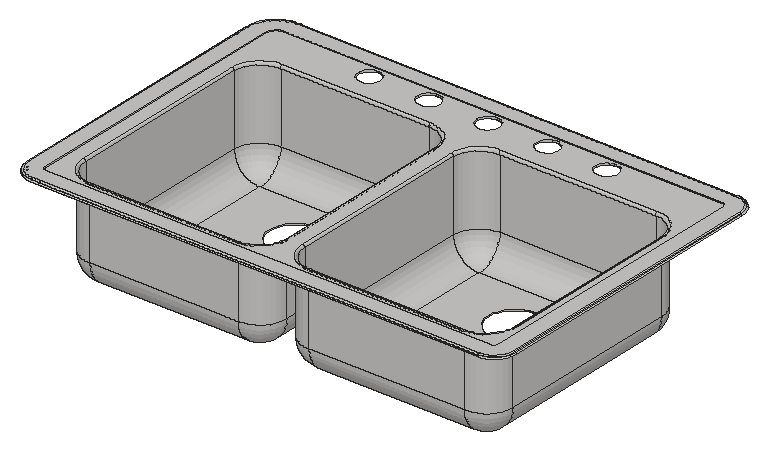
Revit family "Sink-Topmount-Acorn-DDADA-3322-55,65_Series", category Plumbing Fixtures, host Face, Revit 2019
Family settings
  Host = Face
  Round Connector Dimension = Use Diameter
  Part Type = Normal
  OmniClass Number = 23.45.05.14.14
  OmniClass Title = Sinks/Lavatories
  Cut with Voids When Loaded = No
  Shared = Yes
  Room Calculation Point = No
Parameters (values of type "DDADA-3322-65-5")
  Width = 33"  # constant formula
  Waste Connection = no
  WFU = 4  # constant formula
  Vent Connection = no
  URL = "https://www.acorneng.com/home"
  Type Comments = ""
  Right Faucet Hole Distance 2 = 8"
  Right Faucet Hole Distance = 4"
  Right Faucet Hole Depth 2 = 2"
  Right Faucet Hole Depth = 2"
  Revised Date = "11/22/2024"  # constant formula
  Product Page URL = "https://www.acorneng.com/acorn-sinks-ada-drop-in-double-bowl-ddada-3322"
  Product Documentation Link = "https://www.acorneng.com/uploads/fileLibrary/DDADA-3322_pkt.pdf"
  Model = "DDADA-3322-65-5"
  Material = "Stainless Steel-Acorn-Satin"  # constant formula
  Manufacturer = "Acorn"
  Length = 22"  # constant formula
  Left Faucet Hole Distance 2 = 8"
  Left Faucet Hole Distance = 4"
  Left Faucet Hole Depth 2 = 2"
  Left Faucet Hole Depth = 2"
  Installation Type = "Wall Mounted"
  Height = 6 1/2"
  HWFU = 3  # constant formula
  HW Connection = no
  Finish = Stainless Steel-Acorn-Satin
  Drain Opening Size = 3 1/2"
  Description = "Stainless Steel Drop In Sink"
  Default Elevation = 34"
  Creation Date = "23/12/2023"  # constant formula
  Compliance Certifications = "ASME A112.19.3/CSA B45.4, IAPMO® Certified"
  Central Faucet Hole Depth = 2"
  CWFU = 3  # constant formula
  CW Connection = no
  Bowl Width = 13 1/2"  # constant formula
  Bowl Length = 16"  # constant formula
  Assembly Code = "D2010440"
  -5 5 Holes on 4” Centers = yes
  -4R 3 Holes on 4” Centers w/ 4th Hole 4" to Right = no
  -3 3 Holes on 4” Centers (8” Centerset) = no
  -2R Single Hole Centered w/ 2nd Hole 4” to Right = no
  -1 Single Hole Centered = no
  -0 Blank, No Deck Punching = no
  -2 2 Holes on 4” Centers (4” Centerset) = no
Types (17): name | Right Faucet Hole Distance 2 | Right Faucet Hole Distance | Right Faucet Hole Depth 2 | Right Faucet Hole Depth | Model | Left Faucet Hole Distance 2 | Left Faucet Hole Distance | Left Faucet Hole Depth 2 | Left Faucet Hole Depth | Height | Central Faucet Hole Depth | -5 5 Holes on 4” Centers | -4R 3 Holes on 4” Centers w/ 4th Hole 4" to Right | -3 3 Holes on 4” Centers (8” Centerset) | -2R Single Hole Centered w/ 2nd Hole 4” to Right | -1 Single Hole Centered | -0 Blank, No Deck Punching | -2 2 Holes on 4” Centers (4” Centerset)
  (no name) | 8" | 4" | 2" | 2" | "DDADA-3322-65-5" | 8" | 4" | 2" | 2" | 6 1/2" | 2" | yes | no | no | no | no | no | no
  DDADA-3322-55-0 | 6" | 4" | 1" | 1" | "DDADA-3322-55-0" | 6" | 4" | 1" | 1" | 5 1/2" | 1" | no | no | no | no | no | yes | no
  DDADA-3322-55-1 | 6" | 4" | 1" | 1" | "DDADA-3322-55-1" | 6" | 4" | 1" | 1" | 5 1/2" | 2" | no | no | no | no | yes | no | no
  DDADA-3322-55-2R | 6" | 4" | 1" | 2" | "DDADA-3322-55-2R" | 6" | 4" | 1" | 1" | 5 1/2" | 2" | no | no | no | yes | no | no | no
  DDADA-3322-55-2 | 6" | 2" | 1" | 2" | "DDADA-3322-55-2" | 6" | 2" | 1" | 2" | 5 1/2" | 1" | no | no | no | no | no | no | yes
  DDADA-3322-55-3 | 6" | 4" | 1" | 2" | "DDADA-3322-55-3" | 6" | 4" | 1" | 2" | 5 1/2" | 2" | no | no | yes | no | no | no | no
  DDADA-3322-55-4R | 8" | 4" | 2" | 2" | "DDADA-3322-55-4R" | 6" | 4" | 1" | 2" | 5 1/2" | 2" | no | yes | no | no | no | no | no
  DDADA-3322-55-5 | 8" | 4" | 2" | 2" | "DDADA-3322-55-5" | 8" | 4" | 2" | 2" | 5 1/2" | 2" | yes | no | no | no | no | no | no
  DDADA-3322-65-0 | 6" | 4" | 1" | 1" | "DDADA-3322-65-0" | 6" | 4" | 1" | 1" | 6 1/2" | 1" | no | no | no | no | no | yes | no
  DDADA-3322-65-1 | 6" | 4" | 1" | 1" | "DDADA-3322-65-1" | 6" | 4" | 1" | 1" | 6 1/2" | 2" | no | no | no | no | yes | no | no
  DDADA-3322-65-2 | 6" | 2" | 1" | 2" | "DDADA-3322-65-2" | 6" | 2" | 1" | 2" | 6 1/2" | 1" | no | no | no | no | no | no | yes
  DDADA-3322-65-2R | 6" | 4" | 1" | 2" | "DDADA-3322-65-2R" | 6" | 4" | 1" | 1" | 6 1/2" | 2" | no | no | no | yes | no | no | no
  DDADA-3322-65-3 | 6" | 4" | 1" | 2" | "DDADA-3322-65-3" | 6" | 4" | 1" | 2" | 6 1/2" | 2" | no | no | yes | no | no | no | no
  DDADA-3322-65-4R | 8" | 4" | 2" | 2" | "DDADA-3322-65-4R" | 6" | 4" | 1" | 2" | 6 1/2" | 2" | no | yes | no | no | no | no | no
  DDADA-3322-65-5 | 8" | 4" | 2" | 2" | "DDADA-3322-65-5" | 8" | 4" | 2" | 2" | 6 1/2" | 2" | yes | no | no | no | no | no | no
  DDADA-3322-55-4L | 8" | 4" | 1" | 2" | "DDADA-3322-55-4L" | 8" | 4" | 2" | 2" | 5 1/2" | 2" | no | yes | no | no | no | no | no
  DDADA-3322-65-4L | 8" | 4" | 1" | 2" | "DDADA-3322-65-4L" | 8" | 4" | 2" | 2" | 6 1/2" | 2" | no | yes | no | no | no | no | no
Reference planes (in)
  plane 1 "Center (Front/Back)": y = 0
  plane 2: z = 0
  plane 3 "Center (Left/Right)": x = 0
  plane 4: z = -6.5
  plane 5: z = 2
  plane 6: z = 0
  plane 7: z = 0
  plane 8: z = 0
  plane 9: y = -22
  plane 10: y = -20.25
  plane 11: y = -4.25
  plane 12: y = -9.25
  plane 13: x = -16.5
  plane 14: x = 16.5
  plane 15: x = -7.375
  plane 16: x = 7.375
  plane 17: x = -14.125
  plane 18: x = -0.625
  plane 19: z = 0
  plane 20: z = 0
  plane 21: x = -8
  plane 22: x = 8
  plane 23: x = -4
  plane 24: x = 4
  plane 25: y = -2.25
  plane 26: x = 14.125
  plane 27: x = 0.625
  plane 28: z = -6.4375
Forms (in)
  Sweep 1, solid, material "Stainless Steel-Acorn-Satin" <- "Finish"
    path origin (0, 0.25, 0) x (1, 0, 0) y (0, 1, 0)
      loop
        arc (-14.5, -0.25) -> (-15.91421, -0.83579) -> (-16.5, -2.25) r 2
        line (-16.5, -2.25) -> (-16.5, -20.25)
        arc (-16.5, -20.25) -> (-15.91421, -21.66421) -> (-14.5, -22.25) r 2
        line (-14.5, -22.25) -> (15, -22.25)
        arc (15, -22.25) -> (16.06066, -21.81066) -> (16.5, -20.75) r 1.5
        line (16.5, -20.75) -> (16.5, -1.75)
        arc (16.5, -1.75) -> (16.06066, -0.68934) -> (15, -0.25) r 1.5
        line (15, -0.25) -> (-14.5, -0.25)
    profile origin (-16.5, -11, 0) x (-1, 0, 0) y (0, 0, 1)
      loop
        line (0, 0) -> (-0.06578, 0.05327)
        arc (-0.06578, 0.05327) -> (-0.12375, 0.08573) -> (-0.18922, 0.09698) r 0.19614
        line (-0.18922, 0.09698) -> (-0.2407, 0.09698) -> (-0.2407, 0) -> (0, 0)
  Extrusion 2, solid, material "Stainless Steel-Acorn-Satin" <- "Finish"
    sketch origin (-18.57594, 1.04906, -0.59717) x (1, 0, 0) y (0, 1, 0)
      loop
        circle (11.20094, -10.29906) r 1.75
      loop
        arc (16.26336, -7.04906) -> (16.24508, -7.00492) -> (16.20094, -6.98664) r 0.06242
        line (16.20094, -6.98664) -> (6.20094, -6.98664)
        arc (6.20094, -6.98664) -> (6.15681, -7.00492) -> (6.13853, -7.04906) r 0.06242
        line (6.13853, -7.04906) -> (6.13853, -19.54906)
        arc (6.13853, -19.54906) -> (6.15681, -19.59319) -> (6.20094, -19.61147) r 0.06242
        line (6.20094, -19.61147) -> (16.20094, -19.61147)
        arc (16.20094, -19.61147) -> (16.24508, -19.59319) -> (16.26336, -19.54906) r 0.06242
        line (16.26336, -19.54906) -> (16.26336, -7.04906)
    from -5.90283 to -5.84033
  Sweep 3, solid, material "Stainless Steel-Acorn-Satin" <- "Finish"
    path origin (0, 0.25, 0) x (1, 0, 0) y (0, 1, 0)
      loop
        line (-14.125, -6.25) -> (-14.125, -18.75)
        arc (-14.125, -18.75) -> (-13.61244, -19.98744) -> (-12.375, -20.5) r 1.75
        line (-12.375, -20.5) -> (-2.375, -20.5)
        arc (-2.375, -20.5) -> (-1.13756, -19.98744) -> (-0.625, -18.75) r 1.75
        line (-0.625, -18.75) -> (-0.625, -6.25)
        arc (-0.625, -6.25) -> (-1.13756, -5.01256) -> (-2.375, -4.5) r 1.75
        line (-2.375, -4.5) -> (-12.375, -4.5)
        arc (-12.375, -4.5) -> (-13.61244, -5.01256) -> (-14.125, -6.25) r 1.75
    profile origin (-14.125, -12.25, 0) x (1, 0, 0) y (0, 0, 1)
      loop
        line (-0.15271, 0.09698) -> (-0.21339, 0.09698) -> (-0.21339, 0) -> (-0.11121, 0)
        arc (-0.11121, 0) -> (-0.07671, -0.01429) -> (-0.06242, -0.0488) r 0.0488
        line (-0.06242, -0.0488) -> (-0.06242, -4.75)
        arc (-0.06242, -4.75) -> (0.45015, -5.98744) -> (1.68758, -6.5) r 1.75
        line (1.68758, -6.5) -> (1.68758, -6.4375)
        arc (1.68758, -6.4375) -> (0.49434, -5.94324) -> (0.00008, -4.75) r 1.6875
        line (0.00008, -4.75) -> (0.00008, -0.05581)
        arc (0.00008, -0.05581) -> (-0.04467, 0.05223) -> (-0.15271, 0.09698) r 0.15279
  Extrusion 4, solid, material "Stainless Steel-Acorn-Satin" <- "Finish"
    sketch origin (0, 0.25, 0) x (1, 0, 0) y (0, 1, 0)
      loop
        line (-16.2593, -2.25) -> (-16.2593, -20.25)
        arc (-16.2593, -20.25) -> (-15.74401, -21.49401) -> (-14.5, -22.0093) r 1.7593
        line (-14.5, -22.0093) -> (15, -22.0093)
        arc (15, -22.0093) -> (15.89046, -21.64046) -> (16.2593, -20.75) r 1.2593
        line (16.2593, -20.75) -> (16.2593, -1.75)
        arc (16.2593, -1.75) -> (15.89046, -0.85954) -> (15, -0.4907) r 1.2593
        line (15, -0.4907) -> (-14.5, -0.4907)
        arc (-14.5, -0.4907) -> (-15.74401, -1.00599) -> (-16.2593, -2.25) r 1.7593
      loop
        arc (-12.375, -4.28661) -> (-13.76333, -4.86167) -> (-14.33839, -6.25) r 1.96339
        line (-14.33839, -6.25) -> (-14.33839, -18.75)
        arc (-14.33839, -18.75) -> (-13.76333, -20.13833) -> (-12.375, -20.71339) r 1.96339
        line (-12.375, -20.71339) -> (-2.375, -20.71339)
        arc (-2.375, -20.71339) -> (-0.98667, -20.13833) -> (-0.41161, -18.75) r 1.96339
        line (-0.41161, -18.75) -> (-0.41161, -6.25)
        arc (-0.41161, -6.25) -> (-0.98667, -4.86167) -> (-2.375, -4.28661) r 1.96339
        line (-2.375, -4.28661) -> (-12.375, -4.28661)
      loop
        line (12.875, -4.28661) -> (2.375, -4.28661)
        arc (2.375, -4.28661) -> (0.98667, -4.86167) -> (0.41161, -6.25) r 1.96339
        line (0.41161, -6.25) -> (0.41161, -18.75)
        arc (0.41161, -18.75) -> (0.98667, -20.13833) -> (2.375, -20.71339) r 1.96339
        line (2.375, -20.71339) -> (12.875, -20.71339)
        arc (12.875, -20.71339) -> (14.26333, -20.13833) -> (14.83839, -18.75) r 1.96339
        line (14.83839, -18.75) -> (14.83839, -6.25)
        arc (14.83839, -6.25) -> (14.26333, -4.86167) -> (12.875, -4.28661) r 1.96339
    from 0 to 0.09698
  Extrusion 5, void
    sketch origin (0, 0, 0) x (1, 0, 0) y (0, 1, 0)
      loop
        line (-16.5, -2) -> (-16.5, -20.5)
        arc (-16.5, -20.5) -> (-16.06066, -21.56066) -> (-15, -22) r 1.5
        line (-15, -22) -> (15, -22)
        arc (15, -22) -> (16.06066, -21.56066) -> (16.5, -20.5) r 1.5
        line (16.5, -20.5) -> (16.5, -1.5)
        arc (16.5, -1.5) -> (16.06066, -0.43934) -> (15, 0) r 1.5
        line (15, 0) -> (-14.5, 0)
        arc (-14.5, 0) -> (-15.91421, -0.58579) -> (-16.5, -2) r 2
    from -21.11575 to 12
  Sweep 6, solid, material "Stainless Steel-Acorn-Satin" <- "Finish"
    path origin (0, 0, 0) x (1, 0, 0) y (0, 1, 0)
      loop
        arc (-14.5, 0) -> (-15.91421, -0.58579) -> (-16.5, -2) r 2
        line (-16.5, -2) -> (-16.5, -20.5)
        arc (-16.5, -20.5) -> (-16.06066, -21.56066) -> (-15, -22) r 1.5
        line (-15, -22) -> (15, -22)
        arc (15, -22) -> (16.06066, -21.56066) -> (16.5, -20.5) r 1.5
        line (16.5, -20.5) -> (16.5, -1.5)
        arc (16.5, -1.5) -> (16.06066, -0.43934) -> (15, 0) r 1.5
        line (15, 0) -> (-14.5, 0)
    profile origin (0.25, 0, 0) x (0, 1, 0) y (0, 0, 1)
      loop
        line (-0.00024, 0) -> (-0.08808, 0.07113)
        arc (-0.08808, 0.07113) -> (-0.14336, 0.10209) -> (-0.20581, 0.11282) r 0.18708
        line (-0.20581, 0.11282) -> (-1.25, 0.11282) -> (-1.25, 0) -> (-0.00024, 0)
  Extrusion 7, void
    sketch origin (2, 0, 0) x (1, 0, 0) y (0, 1, 0)
      loop
        circle (-2, -2.25) r 0.75
    from 0 to 2
  Extrusion 8, solid, material "Stainless Steel-Acorn-Satin" <- "Finish"
    sketch origin (18.57594, 1.04906, -0.59717) x (-1, 0, 0) y (0, -1, 0)
      loop
        circle (11.20094, 10.29906) r 1.75
      loop
        line (16.26336, 7.04906) -> (16.26336, 19.54906)
        arc (16.26336, 19.54906) -> (16.24508, 19.59319) -> (16.20094, 19.61147) r 0.06242
        line (16.20094, 19.61147) -> (5.70094, 19.61147)
        arc (5.70094, 19.61147) -> (5.65681, 19.59319) -> (5.63853, 19.54906) r 0.06242
        line (5.63853, 19.54906) -> (5.63853, 7.04906)
        arc (5.63853, 7.04906) -> (5.65681, 7.00492) -> (5.70094, 6.98664) r 0.06242
        line (5.70094, 6.98664) -> (16.20094, 6.98664)
        arc (16.20094, 6.98664) -> (16.24508, 7.00492) -> (16.26336, 7.04906) r 0.06242
    from -5.90283 to -5.84033
  Sweep 9, solid, material "Stainless Steel-Acorn-Satin" <- "Finish"
    path origin (0, 0.25, 0) x (-1, 0, 0) y (0, -1, 0)
      loop
        arc (-14.625, 6.25) -> (-14.11244, 5.01256) -> (-12.875, 4.5) r 1.75
        line (-12.875, 4.5) -> (-2.375, 4.5)
        arc (-2.375, 4.5) -> (-1.13756, 5.01256) -> (-0.625, 6.25) r 1.75
        line (-0.625, 6.25) -> (-0.625, 18.75)
        arc (-0.625, 18.75) -> (-1.13756, 19.98744) -> (-2.375, 20.5) r 1.75
        line (-2.375, 20.5) -> (-12.875, 20.5)
        arc (-12.875, 20.5) -> (-14.11244, 19.98744) -> (-14.625, 18.75) r 1.75
        line (-14.625, 18.75) -> (-14.625, 6.25)
    profile origin (14.625, -12.25, 0) x (1, 0, 0) y (0, 0, 1)
      loop
        arc (0.15271, 0.09698) -> (0.04467, 0.05223) -> (-0.00008, -0.05581) r 0.15279
        line (-0.00008, -0.05581) -> (-0.00008, -4.75)
        arc (-0.00008, -4.75) -> (-0.49434, -5.94324) -> (-1.68758, -6.4375) r 1.6875
        line (-1.68758, -6.4375) -> (-1.68758, -6.5)
        arc (-1.68758, -6.5) -> (-0.45015, -5.98744) -> (0.06242, -4.75) r 1.75
        line (0.06242, -4.75) -> (0.06242, -0.0488)
        arc (0.06242, -0.0488) -> (0.07671, -0.01429) -> (0.11121, 0) r 0.0488
        line (0.11121, 0) -> (0.21339, 0) -> (0.21339, 0.09698) -> (0.15271, 0.09698)
  Extrusion 10, void
    sketch origin (0, 0, 0) x (1, 0, 0) y (0, 1, 0)
      loop
        circle (-4, -2.25) r 0.75
    from 0 to 2
  Extrusion 11, void
    sketch origin (-4, 0, 0) x (1, 0, 0) y (0, 1, 0)
      loop
        circle (-4, -2.25) r 0.75
    from 0 to 2
  Extrusion 12, void
    sketch origin (4, 0, 0) x (1, 0, 0) y (0, 1, 0)
      loop
        circle (0, -2.25) r 0.75
    from 0 to 2
  Extrusion 13, void
    sketch origin (8, 0, 0) x (1, 0, 0) y (0, 1, 0)
      loop
        circle (0, -2.25) r 0.75
    from 0 to 2
Cuts and joins
  Extrusion 7, Extrusion 10, Extrusion 11, Extrusion 12, Extrusion 13 cuts Sweep 1
  Extrusion 7, Extrusion 10, Extrusion 11, Extrusion 12, Extrusion 13 cuts Extrusion 2
  Extrusion 7, Extrusion 10, Extrusion 11, Extrusion 12, Extrusion 13 cuts Sweep 3
  Extrusion 7, Extrusion 10, Extrusion 11, Extrusion 12, Extrusion 13 cuts Extrusion 4
  Extrusion 7, Extrusion 10, Extrusion 11, Extrusion 12, Extrusion 13 cuts Extrusion 8
  Extrusion 7, Extrusion 10, Extrusion 11, Extrusion 12, Extrusion 13 cuts Sweep 9
  joined: Sweep 1, Extrusion 2, Sweep 3, Extrusion 4, Extrusion 8, Sweep 9
Dimensions and locks (in)
  host face to plane 4 = 6 1/2"
  "Left Faucet Hole Depth": plane 5 to plane 6
  "Right Faucet Hole Depth": plane 5 to plane 8
  "Central Faucet Hole Depth": plane 5 to plane 7
  locked: plane 10 to plane 9 at 1.75
  plane 11 to plane 12 = 5"
  "Width": plane 13 to plane 14
  plane 13 to plane 15 = 9 1/8"
  plane 16 to plane 14 = 9 1/8"
  plane 15 to plane 16 = 14 3/4"
  "Right Faucet Hole Depth 2": plane 5 to plane 20
  "Left Faucet Hole Distance 2": plane 21 to plane 3 "Center (Left/Right)"
  "Right Faucet Hole Distance 2": plane 3 "Center (Left/Right)" to plane 22
  "Left Faucet Hole Depth 2": plane 5 to plane 19
  "Left Faucet Hole Distance": plane 23 to plane 3 "Center (Left/Right)"
  "Right Faucet Hole Distance": plane 3 "Center (Left/Right)" to plane 24
  "Length": plane 9 to plane 1 "Center (Front/Back)"
  "Bowl Length": plane 11 to plane 10
  locked: plane 25 to plane 11 at 2
  plane 17 to plane 15 to plane 18 = 6 3/4", 6 3/4"
  Sweep 9 sketch curve to plane 16 = 6 3/4"
  plane 16 to Sweep 9 sketch curve = 7 1/4"
  "Bowl Width": plane 17 to plane 18
  plane 26 to plane 16 to plane 27 = 6 3/4", 6 3/4"
  "Bowl Width": plane 26 to plane 27
  "Height": host face to plane 4
  "Height": level to Sweep 3 sketch curve
  locked: Sweep 3 sketch curve to Sweep 3 sketch curve at 0.0625
  locked: plane 28 to plane 4 at 0.0625
  "Height": level to Sweep 9 sketch curve
  locked: Sweep 9 sketch curve to Sweep 9 sketch curve at 0.0625
  aligned and locked: host face to plane 2
  aligned and locked: host face to level
  aligned and locked: plane 3 "Center (Left/Right)" to Extrusion 7 sketch curve
  aligned and locked: Extrusion 7 to plane 7
  aligned and locked: plane 1 "Center (Front/Back)" to Sweep 1 sketch curve
  aligned and locked: plane 12 to Extrusion 2 sketch curve
  aligned and locked: plane 15 to Extrusion 2 sketch curve
  aligned and locked: plane 5 to Extrusion 10
  aligned and locked: Extrusion 10 to plane 6
  aligned and locked: Extrusion 11 to plane 19
  aligned and locked: Extrusion 12 to plane 8
  aligned and locked: plane 20 to Extrusion 13
  aligned and locked: Extrusion 10 sketch curve to plane 23
  aligned and locked: plane 24 to Extrusion 12 sketch curve
  aligned and locked: Extrusion 11 sketch curve to plane 25
  aligned and locked: Extrusion 10 sketch curve to plane 25
  aligned and locked: Extrusion 7 sketch curve to plane 25
  aligned and locked: Extrusion 12 sketch curve to plane 25
  aligned and locked: Extrusion 13 sketch curve to plane 25
  aligned and locked: cut or joined group 1 (Sweep 1, Extrusion 2, Sweep 3, Extrusion 4, Extrusion 7, Extrusion 8, Sweep 9, Extrusion 10, Extrusion 11, Extrusion 12, Extrusion 13) to plane 4  (x2)
  aligned and locked: plane 28 to cut or joined group 1  (x2)
Automatic sketch dimensions
  host sketch curve to host sketch curve = 161.60125"
  host sketch curve to host sketch curve = 96"
  Sweep 1 sketch curve to plane 13 = 0"
  Sweep 1 sketch curve to plane 9 = 0"
  Sweep 1 sketch curve to plane 14 = 0"
  Sweep 1 sketch curve to plane 17 = 3/8"  (x2)
  plane 14 to Sweep 1 sketch curve = 1 1/2"
  Sweep 1 sketch curve to profile plane = 0"  (x2)
  profile plane to Sweep 1 sketch curve = 0.06578"
  profile plane to Sweep 1 sketch curve = 0.18922"
  Sweep 1 sketch curve to Sweep 1 sketch curve = 0.05148"
  Sweep 1 sketch curve to profile plane = 0.09915"
  profile plane to Sweep 1 sketch curve = 0.05327"
  plane 17 to Extrusion 2 sketch curve = 1 3/4"  (x2)
  Extrusion 2 sketch curve to Extrusion 2 sketch curve = 0.06242"  (x2)
  plane 10 to Extrusion 2 sketch curve = 1 3/4"
  Extrusion 2 sketch curve to plane 11 = 1 3/4"
  Sweep 3 sketch curve to plane 17 = 0"
  Sweep 3 sketch curve to plane 11 = 0"
  Sweep 3 sketch curve to plane 10 = 0"
  Sweep 3 sketch curve to plane 18 = 0"
  Sweep 3 sketch curve to Sweep 3 sketch curve = 1 3/4"
  plane 17 to Sweep 3 sketch curve = 1 3/4"
  Sweep 3 sketch curve to Sweep 3 sketch curve = 0"
  Sweep 3 sketch curve to profile plane = 0"
  profile plane to Sweep 3 sketch curve = 0.09698"
  profile plane to Sweep 3 sketch curve = 0.21339"
  Sweep 3 sketch curve to Sweep 3 sketch curve = 0.06068"
  Sweep 3 sketch curve to Sweep 3 sketch curve = 0.0415"
  Sweep 3 sketch curve to profile plane = 0.00008"
  Sweep 3 sketch curve to Sweep 3 sketch curve = 1 11/16"
  plane 13 to Extrusion 4 sketch curve = 0.2407"
  plane 9 to Extrusion 4 sketch curve = 0.2407"
  Extrusion 4 sketch curve to plane 17 = 3/8"  (x2)
  Extrusion 4 sketch curve to plane 17 = 0.21339"
  Extrusion 4 sketch curve to plane 10 = 0.21339"  (x2)
  plane 17 to Extrusion 4 sketch curve = 1 3/4"  (x2)
  Extrusion 4 sketch curve to plane 18 = 0.21339"
  plane 3 "Center (Left/Right)" to Extrusion 4 sketch curve = 0.41161"
  Extrusion 4 sketch curve to plane 11 = 1 3/4"  (x3)
  plane 14 to Extrusion 4 sketch curve = 3 5/8"  (x2)
  plane 14 to Extrusion 4 sketch curve = 1.66161"
  plane 14 to Extrusion 4 sketch curve = 1 1/2"  (x2)
  plane 14 to Extrusion 4 sketch curve = 0.2407"
  Extrusion 5 sketch curve to plane 13 = 0"
  plane 1 "Center (Front/Back)" to Extrusion 5 sketch curve = 0"
  Extrusion 5 sketch curve to plane 9 = 0"
  Extrusion 5 sketch curve to plane 14 = 0"
  Extrusion 5 sketch curve to plane 17 = 3/8"
  Extrusion 5 sketch curve to plane 10 = 1/4"  (x2)
  Sweep 6 sketch curve to plane 13 = 0"
  plane 1 "Center (Front/Back)" to Sweep 6 sketch curve = 0"
  Sweep 6 sketch curve to plane 9 = 0"
  Sweep 6 sketch curve to plane 14 = 0"
  Sweep 6 sketch curve to plane 17 = 3/8"
  Sweep 6 sketch curve to plane 10 = 1/4"  (x2)
  plane 14 to Sweep 6 sketch curve = 1 1/2"
  Sweep 6 sketch curve to level = 0"
  profile plane to Sweep 6 sketch curve = 1 1/4"
  level to Sweep 6 sketch curve = 0.11282"
  profile plane to Sweep 6 sketch curve = 0.20581"
  level to Sweep 6 sketch curve = 0.07113"
  profile plane to Sweep 6 sketch curve = 0.08808"
  profile plane to Sweep 6 sketch curve = 0.00024"
  Extrusion 8 sketch curve to plane 12 = 0"
  Extrusion 8 sketch curve to plane 16 = 0"
  Extrusion 8 sketch curve to plane 11 = 1 3/4"
  plane 14 to Extrusion 8 sketch curve = 3 5/8"  (x2)
  plane 10 to Extrusion 8 sketch curve = 1 3/4"
  Extrusion 8 sketch curve to Extrusion 8 sketch curve = 0.06242"  (x2)
  Sweep 9 sketch curve to plane 11 = 0"
  Sweep 9 sketch curve to plane 10 = 0"
  Sweep 9 sketch curve to Sweep 9 sketch curve = 1 3/4"  (x2)
  Sweep 9 sketch curve to Sweep 9 sketch curve = 0"
  Sweep 9 sketch curve to profile plane = 0"
  profile plane to Sweep 9 sketch curve = 1.68758"
  profile plane to Sweep 9 sketch curve = 0.00008"
  Sweep 9 sketch curve to Sweep 9 sketch curve = 0.0488"
  Sweep 9 sketch curve to Sweep 9 sketch curve = 0.0415"
  Sweep 9 sketch curve to Sweep 9 sketch curve = 0.06068"
  Sweep 9 sketch curve to profile plane = 0.05581"
  Extrusion 11 sketch curve to plane 21 = 0"
  Extrusion 13 sketch curve to plane 22 = 0"
  plane 18 to Extrusion 2 sketch curve = 1 3/4"  (x2)
  plane 18 to Sweep 3 sketch curve = 1 3/4"
  Sweep 3 sketch curve to plane 11 = 1 3/4"
  plane 10 to Extrusion 4 sketch curve = 1 3/4"
  plane 3 "Center (Left/Right)" to Extrusion 4 sketch curve = 2 3/8"  (x2)
  plane 3 "Center (Left/Right)" to Extrusion 8 sketch curve = 2 3/8"  (x2)
  plane 3 "Center (Left/Right)" to Sweep 9 sketch curve = 2 3/8"
  Sweep 9 sketch curve to plane 11 = 1 3/4"
  plane 1 "Center (Front/Back)" to Sweep 1 sketch curve = 1 1/2"
  plane 1 "Center (Front/Back)" to Extrusion 4 sketch curve = 1 1/2"
  Extrusion 5 sketch curve to Extrusion 5 sketch curve = 1 1/2"
  radius of Extrusion 2 sketch curve = 1 3/4"
  radius of Extrusion 7 sketch curve = 3/4"
  radius of Extrusion 8 sketch curve = 1 3/4"
  radius of Extrusion 10 sketch curve = 3/4"
  radius of Extrusion 11 sketch curve = 3/4"
  radius of Extrusion 12 sketch curve = 3/4"
  radius of Extrusion 13 sketch curve = 3/4"
